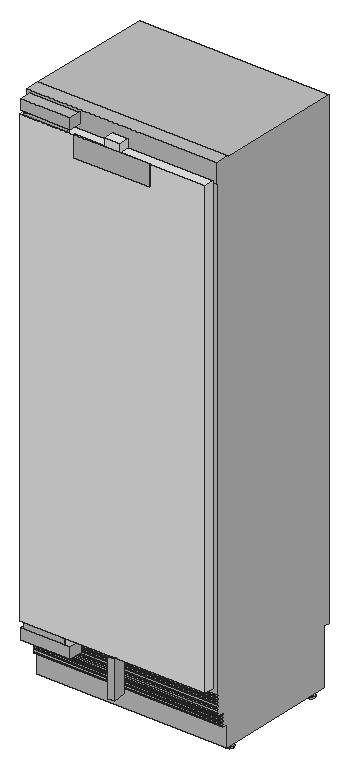
Revit family "FP-Revit20-en-RS3084FLJE1-Freezer-0-CA-US-90001072A", category Specialty Equipment, Revit 2020
Family settings
  Round Connector Dimension = Use Diameter
  Part Type = Normal
  OmniClass Number = 23.40.40.11.11
  OmniClass Title = Refrigerators and Freezers
  Work Plane-Based = No
  Always vertical = Yes
  Cut with Voids When Loaded = Yes
  Shared = No
  Room Calculation Point = No
Parameters (values of type "RS3084FLJE1")
  Visibility - Water Connection = yes
  Visibility - Visibility Control Note = yes
  Visibility - Clearance Required = yes
  URL = "www.fisherpaykel.com"
  Stainless Steel Door Panels (RD3484L4D) = no
  Product - Width = 756 mm  # constant formula
  Product - Height = 2134 mm  # constant formula
  Product - Depth (exl front panel) = 610 mm  # constant formula
  Model = "RS3084FLJE1"
  Material - Handle = Fisher & Paykel - Aluminium
  Material - Door Structure = Fisher & Paykel - White
  Material - Door Front = Fisher & Paykel - Stainless Steel
  Material - Body = Fisher & Paykel - Grey
  Manufacturer = "Fisher & Paykel Appliances"
  Handle Style - Professional Square (AHV2-RD84) = no
  Handle Style - Professional Round (AHC-RD84) = no
  Handle Style - Contemporary Square (AHD3-RD84) = no
  Handle Style - Contemporary Round (AHS-RD84) = no
  Description = "30\" Integrated Column Freezer with internal ice maker, stainless steel interior"
  Default Elevation = 0 mm
  Connector Description - Water = "1/4\" (6mm) comp. stainless steel braided hose"
  Connector Description - Electrical = "120 V, 10 amp fused electrical supply"
  Cavity - Width = 762 mm  # constant formula
  Cavity - Height = 2134 mm  # constant formula
  Cavity - Depth = 635 mm  # constant formula
Types (3, lengths in mm): name | Model | Description
  (no name) | "RS3084FLJE1" | "30\" Integrated Column Freezer with internal ice maker, stainless steel interior"
  RS3084FLJ1 | "RS3084FLJ1" | "30\" Integrated Column Freezer with internal ice maker, white steel interior"
  RS3084FLJE1 | "RS3084FLJE1" | "30\" Integrated Column Freezer with internal ice maker, stainless steel interior"
Reference planes
  plane 1 "Datum": y = 0
  plane 2: z = 0
  plane 3 "Center (Left/Right)": x = 0
  plane 4 "Product LHS": x = -378
  plane 5 "Product RHS": x = 378
  plane 6 "Product - Depth": y = 610
  plane 7 "Cavity LHS": x = -381
  plane 8 "Cavity RHS": x = 381
  plane 9 "Cavity - Depth": y = 612.9
  plane 10 "Handle Offset": x = 315
  plane 11 "Product Height": z = 2134
  plane 12 "Cavity Height": z = 2134
  plane 13 "Door Panel Datum": y = -4.1
Forms (mm)
  Extrusion 1, solid, material "Fisher & Paykel - Grey" <- "Material - Body", detail levels fine
    sketch origin (0, 0, 0) x (0, 1, 0) y (0, 0, 1)
      loop
        line (100.1, 19.1) -> (587.9, 19.1) -> (587.9, 239.7) -> (610, 239.7) -> (610, 2131.9) -> (105.1, 2131.9) -> (105.1, 2134) -> (49.9, 2134) -> (49.9, 2059) -> (56, 2059) -> (56, 228.6) -> (59.5, 228.6) -> (59.5, 219.7) -> (56.5, 219.7) -> (56.5, 215.9) -> (59.5, 215.9) -> (59.5, 207) -> (56.5, 207) -> (56.5, 203.2) -> (59.5, 203.2) -> (59.5, 194.3) -> (56.5, 194.3) -> (56.5, 190.5) -> (59.5, 190.5) -> (59.5, 181.6) -> (56.5, 181.6) -> (56.5, 177.8) -> (59.5, 177.8) -> (59.5, 168.9) -> (56.5, 168.9) -> (56.5, 165.1) -> (59.5, 165.1) -> (59.5, 156.2) -> (56.5, 156.2) -> (56.5, 152.4) -> (84.1, 152.4) -> (84.1, 143.5) -> (81.1, 143.5) -> (81.1, 139.7) -> (84.1, 139.7) -> (84.1, 130.8) -> (81.1, 130.8) -> (81.1, 127) -> (84.1, 127) -> (84.1, 118.1) -> (81.1, 118.1) -> (81.1, 114.3) -> (84.1, 114.3) -> (84.1, 105.4) -> (81.1, 105.4) -> (81.1, 101.6) -> (100.1, 101.6) -> (100.1, 19.1)
    from -378 to 378
  Extrusion 2, solid, material "Fisher & Paykel - Grey" <- "Material - Body"
    sketch origin (0, 0, 0) x (1, 0, 0) y (0, 1, 0)
      loop
        circle (-357.5, 547.8) r 4.1
      loop
        circle (-357.5, 141.8) r 4.1
      loop
        circle (357.5, 547.8) r 4.1
      loop
        circle (357.5, 141.8) r 4.1
    from 3 to 19.1
  Extrusion 3, solid, material "Fisher & Paykel - Grey" <- "Material - Body"
    sketch origin (0, 0, 0) x (1, 0, 0) y (0, 1, 0)
      loop
        circle (-357.5, 547.8) r 14.5
      loop
        circle (-357.5, 141.8) r 14.555
      loop
        circle (357.5, 547.8) r 14.5
      loop
        circle (357.5, 141.8) r 14.555
    from 0 to 3
  Extrusion 4, solid, material "Fisher & Paykel - Grey" <- "Material - Body", detail levels fine
    sketch origin (0, 0, 0) x (1, 0, 0) y (0, 1, 0)
      loop
        line (-7.5, 49) -> (-13.797, -4.1) -> (13.797, -4.1) -> (7.5, 49) -> (-7.5, 49)
    from 104.2 to 254.2
  Extrusion 5, solid, material "Fisher & Paykel - Grey" <- "Material - Body", detail levels fine
    sketch origin (0, 0, 0) x (0, 1, 0) y (0, 0, 1)
      loop
        line (0, 2070.6) -> (0, 1988.6) -> (2, 1988.6) -> (2, 2068.6) -> (4, 2068.6) -> (4, 2070.6) -> (0, 2070.6)
    from -150 to 150
  Extrusion 6, solid, material "Fisher & Paykel - Grey" <- "Material - Body"
    sketch origin (0, 0, 0) x (1, 0, 0) y (0, 0, 1)
      loop
        circle (303, 119.813) r 5
      loop
        circle (-303, 119.813) r 5
    from -590 to -587.9
  Extrusion 7, solid, material "Fisher & Paykel - White" <- "Material - Door Structure"
    sketch origin (0, 0, 0) x (1, 0, 0) y (0, 1, 0)
      loop
        line (-353, 56) -> (-353, 42) -> (353, 42) -> (353, 56) -> (-353, 56)
    from 269.6 to 2030.7
  Extrusion 8, solid, material "Fisher & Paykel - White" <- "Material - Door Structure"
    sketch origin (0, 0, 0) x (1, 0, 0) y (0, 1, 0)
      loop
        line (-369.4, 42) -> (-369.4, 3) -> (369.4, 3) -> (369.4, 42) -> (-369.4, 42)
    from 254.2 to 2068.6
  Extrusion 9, solid, material "Fisher & Paykel - White" <- "Material - Door Structure", detail levels fine
    sketch origin (0, 0, 0) x (1, 0, 0) y (0, 0, 1)
      loop
        line (-29.5, 2100.1) -> (-29.5, 2068.6) -> (29.5, 2068.6) -> (29.5, 2100.1) -> (-29.5, 2100.1)
    from -42 to -3
  Extrusion 10, solid, material "Fisher & Paykel - Stainless Steel" <- "Material - Door Front", visible <- "Stainless Steel Door Panels (RD3484L4D)"
    sketch origin (0, 0, 0) x (0, 1, 0) y (0, 0, 1)
      loop
        line (-22.1, 2130.8) -> (-22.1, 102) -> (-4.1, 102) -> (-4.1, 2130.8) -> (-22.1, 2130.8)
    from -378 to 378
  Extrusion 11, solid, material "Fisher & Paykel - Grey" <- "Material - Body", detail levels coarse+medium
    sketch origin (0, 0, 0) x (0, 1, 0) y (0, 0, 1)
      loop
        line (49.9, 2134) -> (49.9, 2059) -> (56, 2059) -> (56, 152.4) -> (81.1, 152.4) -> (81.1, 101.6) -> (100.1, 101.6) -> (100.1, 19.1) -> (587.9, 19.1) -> (587.9, 239.7) -> (610, 239.7) -> (610, 2134) -> (49.9, 2134)
    from -378 to 378
  Extrusion 12, solid, material "Fisher & Paykel - Grey" <- "Material - Body", detail levels fine
    sketch origin (0, 0, 0) x (-1, 0, 0) y (0, 0, -1)
      loop
        line (366.4, -187.65) -> (168.42, -187.65) -> (168.42, -229.75) -> (366.4, -229.75) -> (366.4, -187.65)
    from -56 to -2.5
  Extrusion 13, solid, material "Fisher & Paykel - Grey" <- "Material - Body", detail levels fine
    sketch origin (0, 0, 0) x (-1, 0, 0) y (0, 0, -1)
      loop
        line (366.4, -2123.15) -> (366.4, -2081.05) -> (168.42, -2081.05) -> (168.42, -2123.15) -> (366.4, -2123.15)
    from -49 to -2.5
  Extrusion 14, solid, material "Fisher & Paykel - Grey" <- "Material - Body", detail levels fine
    sketch origin (0, 0, -4) x (0, 1, 0) y (0, 0, 1)
      loop
        arc (163.888, 23.1) -> (180.4, 13.63) -> (196.912, 23.1) r 19.13
        line (196.912, 23.1) -> (163.888, 23.1)
      loop
        arc (493.888, 23.1) -> (510.4, 13.63) -> (526.912, 23.1) r 19.13
        line (526.912, 23.1) -> (493.888, 23.1)
    from 191 to 219
  Extrusion 15, solid, material "Fisher & Paykel - Grey" <- "Material - Body", detail levels fine
    sketch origin (0, 0, -4) x (0, 1, 0) y (0, 0, -1)
      loop
        line (163.888, -23.1) -> (196.912, -23.1)
        arc (196.912, -23.1) -> (180.4, -13.63) -> (163.888, -23.1) r 19.13
      loop
        line (493.888, -23.1) -> (526.912, -23.1)
        arc (526.912, -23.1) -> (510.4, -13.63) -> (493.888, -23.1) r 19.13
    from 191 to 219
  Extrusion 16, solid, material "Fisher & Paykel - Clearance Required", visible <- "Visibility - Clearance Required", detail levels coarse
    sketch origin (0, 0, 0) x (1, 0, 0) y (0, 1, 0)
      loop
        line (-381, 612.9) -> (-381, -4.1) -> (381, -4.1) -> (381, 612.9) -> (-381, 612.9)
    from 0 to 2134
  Extrusion 17, void
    sketch origin (0, 0, 0) x (1, 0, 0) y (0, 1, 0)
      loop
        line (-381, 612.9) -> (-381, -22.1) -> (381, -22.1) -> (381, 612.9) -> (-381, 612.9)
    from 0 to 2134
  Extrusion 18, solid, material "Fisher & Paykel - Grey" <- "Material - Body", detail levels fine
    sketch origin (-73, 0, 0) x (-1, 0, 0) y (0, 0, -1)
      loop
        line (118.4, -254.2) -> (282.9, -254.2) -> (282.9, -229.75) -> (118.4, -229.75) -> (118.4, -254.2)
      loop
        line (106, -2081.05) -> (242.9, -2081.05) -> (282.9, -2076.05) -> (282.9, -2068.6) -> (106, -2068.6) -> (106, -2081.05)
    from -7 to -4
  Extrusion 19, solid, material "Fisher & Paykel - Clearance Required", visible <- "Visibility - Clearance Required", detail levels coarse
    sketch origin (0, 0, 0) x (-1, 0, 0) y (0, -1, 0)
      loop
        line (301.5, 22.1) -> (378, 22.1)
        arc (378, 22.1) -> (380.992, 57.074) -> (415.915, 60.616) r 27.5
        line (415.915, 60.616) -> (697.006, 665.395) -> (723.252, 653.196)
        arc (723.252, 653.196) -> (747.815, 662.136) -> (738.875, 686.699) r 18.483
        line (738.875, 686.699) -> (712.602, 698.95) -> (734.604, 746.289)
        arc (734.604, 746.289) -> (-22.015, 691.951) -> (-378, 22.1) r 783.517
        line (-378, 22.1) -> (301.5, 22.1)
    from 0 to 2134
Lines and regions (mm)
  model lines, style "Fisher & Paykel"
    curve 1: line (-378, -4.1, 2130.8) -> (378, -4.1, 2130.8)
    curve 2: line (-378, -4.1, 102) -> (-378, -4.1, 2130.8)
    curve 3: line (378, -4.1, 102) -> (-378, -4.1, 102)
    curve 4: line (378, -4.1, 2130.8) -> (378, -4.1, 102)
Text (mm)
  text "Due to ongoing product development, product details are subject to change without notice. \nPlease always refer to www.fisherpaykel.com for the most current product information. \n© Fisher & Paykel 2020" at (41.04, -848.295, 0), in view "Ref. Level (Plan)"
Dimensions and locks
  equal spacing: plane 4 "Product LHS", plane 3 "Center (Left/Right)", plane 5 "Product RHS"
  "Product - Width": plane 4 "Product LHS" to plane 5 "Product RHS"
  "Product - Depth (exl front panel)": plane 1 "Datum" to plane 6 "Product - Depth"
  equal spacing: plane 7 "Cavity LHS", plane 3 "Center (Left/Right)", plane 8 "Cavity RHS"
  "Cavity - Width": plane 7 "Cavity LHS" to plane 8 "Cavity RHS"
  plane 4 "Product LHS" to Extrusion 2 sketch curve = 24.6 mm
  plane 4 "Product LHS" to plane 10 "Handle Offset" = 693 mm
  Extrusion 6 sketch curve to Extrusion 1 = 119.887 mm  (x2)
  Extrusion 6 sketch curve to plane 5 "Product RHS" = 75 mm
  plane 4 "Product LHS" to Extrusion 6 sketch curve = 75 mm
  Extrusion 1 sketch curve to Extrusion 1 sketch curve = 82.5 mm
  Extrusion 1 sketch curve to Extrusion 1 sketch curve = 209.5 mm
  Extrusion 1 sketch curve to Extrusion 1 sketch curve = 220.6 mm
  Extrusion 3 to level = 3 mm
  Extrusion 11 to Extrusion 8 = 235.1 mm
  Extrusion 11 to Extrusion 7 = 250.5 mm
  Extrusion 11 to Extrusion 11 = 2114.9 mm
  Extrusion 11 to Extrusion 10 = 82.9 mm
  "Product - Height": level to plane 11 "Product Height"
  plane 11 "Product Height" to Extrusion 10 = 3.2 mm
  Extrusion 8 to plane 11 "Product Height" = 65.4 mm
  Extrusion 7 to plane 11 "Product Height" = 103.3 mm
  Extrusion 11 sketch curve to plane 11 "Product Height" = 75 mm
  Extrusion 1 sketch curve to plane 11 "Product Height" = 2.1 mm
  Extrusion 1 sketch curve to plane 11 "Product Height" = 75 mm
  "Cavity - Height": plane 12 "Cavity Height" to level
  plane 1 "Datum" to Extrusion 16 = 612.9 mm
  plane 1 "Datum" to Extrusion 17 = 612.9 mm
  Extrusion 18 sketch curve to Extrusion 18 sketch curve = 40 mm
  Extrusion 18 sketch curve to Extrusion 18 sketch curve = 176.9 mm
  plane 3 "Center (Left/Right)" to Extrusion 18 sketch curve = 179 mm
  plane 3 "Center (Left/Right)" to Extrusion 18 sketch curve = 191.4 mm
  plane 3 "Center (Left/Right)" to Extrusion 18 sketch curve = 355.9 mm
  plane 3 "Center (Left/Right)" to Extrusion 13 sketch curve = 168.42 mm
  plane 3 "Center (Left/Right)" to Extrusion 12 sketch curve = 168.42 mm
  plane 1 "Datum" to Extrusion 19 = 22.1 mm
  "Cavity - Depth": plane 9 "Cavity - Depth" to Extrusion 19
  plane 10 "Handle Offset" to plane 5 "Product RHS" = 63 mm
  radius of Extrusion 6 sketch curve = 5 mm
  aligned and locked: level to plane 2
  aligned and locked: Extrusion 10 to plane 5 "Product RHS"
  aligned and locked: plane 4 "Product LHS" to Extrusion 10
  aligned and locked: Extrusion 11 to plane 5 "Product RHS"
  aligned and locked: Extrusion 11 to plane 4 "Product LHS"
  aligned and locked: Extrusion 11 sketch curve to plane 11 "Product Height"
  aligned and locked: plane 11 "Product Height" to Extrusion 1 sketch curve
  aligned and locked: Extrusion 14 sketch curve to Extrusion 14 sketch curve
  aligned and locked: Extrusion 15 sketch curve to Extrusion 15 sketch curve
  aligned and locked: Extrusion 1 to plane 5 "Product RHS"
  aligned and locked: plane 4 "Product LHS" to Extrusion 1
  aligned and locked: Extrusion 11 sketch curve to Extrusion 1  (x4)
  aligned and locked: Extrusion 2 to Extrusion 1
  aligned and locked: nested 2 to plane 10 "Handle Offset"
  aligned and locked: nested 3 to plane 10 "Handle Offset"
  aligned and locked: nested 4 to plane 10 "Handle Offset"
  aligned and locked: nested 5 to plane 10 "Handle Offset"
Automatic sketch dimensions
  Extrusion 1 sketch curve to plane 6 "Product - Depth" = 0 mm
  Extrusion 1 sketch curve to Extrusion 1 sketch curve = 22.1 mm
  Extrusion 1 sketch curve to plane 1 "Datum" = 105.1 mm
  level to Extrusion 1 sketch curve = 19.1 mm
  Extrusion 1 sketch curve to plane 1 "Datum" = 100.1 mm
  Extrusion 1 sketch curve to Extrusion 1 sketch curve = 16 mm
  Extrusion 1 sketch curve to Extrusion 1 sketch curve = 0 mm  (x8)
  Extrusion 1 sketch curve to Extrusion 1 sketch curve = 3 mm  (x10)
  Extrusion 1 sketch curve to plane 1 "Datum" = 59.5 mm
  Extrusion 1 sketch curve to plane 1 "Datum" = 56 mm
  Extrusion 1 sketch curve to plane 1 "Datum" = 49.9 mm
  Extrusion 1 sketch curve to Extrusion 1 sketch curve = 3.8 mm  (x10)
  Extrusion 1 sketch curve to Extrusion 1 sketch curve = 8.9 mm  (x9)
  Extrusion 2 sketch curve to plane 4 "Product LHS" = 20.5 mm  (x2)
  plane 5 "Product RHS" to Extrusion 2 sketch curve = 20.5 mm  (x2)
  Extrusion 2 sketch curve to plane 1 "Datum" = 141.8 mm  (x2)
  Extrusion 2 sketch curve to plane 6 "Product - Depth" = 62.2 mm  (x2)
  Extrusion 3 sketch curve to plane 4 "Product LHS" = 20.5 mm  (x2)
  plane 5 "Product RHS" to Extrusion 3 sketch curve = 20.5 mm  (x2)
  Extrusion 3 sketch curve to plane 1 "Datum" = 141.8 mm  (x2)
  Extrusion 3 sketch curve to plane 6 "Product - Depth" = 62.2 mm  (x2)
  plane 1 "Datum" to Extrusion 4 sketch curve = 4.1 mm
  Extrusion 4 sketch curve to plane 3 "Center (Left/Right)" = 13.797 mm
  Extrusion 4 sketch curve to plane 3 "Center (Left/Right)" = 7.5 mm
  plane 3 "Center (Left/Right)" to Extrusion 4 sketch curve = 7.5 mm
  plane 3 "Center (Left/Right)" to Extrusion 4 sketch curve = 13.797 mm
  Extrusion 4 sketch curve to plane 1 "Datum" = 49 mm
  Extrusion 5 sketch curve to plane 1 "Datum" = 0 mm
  Extrusion 5 sketch curve to plane 1 "Datum" = 2 mm
  Extrusion 5 sketch curve to Extrusion 5 sketch curve = 2 mm  (x2)
  plane 11 "Product Height" to Extrusion 5 sketch curve = 145.4 mm
  plane 11 "Product Height" to Extrusion 5 sketch curve = 65.4 mm
  Extrusion 7 sketch curve to plane 4 "Product LHS" = 25 mm
  plane 5 "Product RHS" to Extrusion 7 sketch curve = 25 mm
  Extrusion 7 sketch curve to plane 1 "Datum" = 42 mm
  Extrusion 7 sketch curve to Extrusion 7 sketch curve = 14 mm
  Extrusion 8 sketch curve to plane 1 "Datum" = 3 mm
  Extrusion 8 sketch curve to plane 4 "Product LHS" = 8.6 mm
  plane 5 "Product RHS" to Extrusion 8 sketch curve = 8.6 mm
  Extrusion 8 sketch curve to Extrusion 8 sketch curve = 39 mm
  Extrusion 9 sketch curve to plane 3 "Center (Left/Right)" = 29.5 mm
  plane 3 "Center (Left/Right)" to Extrusion 9 sketch curve = 29.5 mm
  plane 11 "Product Height" to Extrusion 9 sketch curve = 65.4 mm
  Extrusion 9 sketch curve to Extrusion 9 sketch curve = 31.5 mm
  plane 1 "Datum" to Extrusion 10 sketch curve = 22.1 mm
  plane 1 "Datum" to Extrusion 10 sketch curve = 4.1 mm
  level to Extrusion 10 sketch curve = 102 mm
  plane 11 "Product Height" to Extrusion 10 sketch curve = 3.2 mm
  Extrusion 11 sketch curve to plane 6 "Product - Depth" = 0 mm
  Extrusion 11 sketch curve to plane 6 "Product - Depth" = 22.1 mm
  Extrusion 11 sketch curve to plane 1 "Datum" = 100.1 mm
  Extrusion 11 sketch curve to Extrusion 11 sketch curve = 19 mm
  Extrusion 11 sketch curve to plane 1 "Datum" = 56 mm
  Extrusion 11 sketch curve to plane 1 "Datum" = 49.9 mm
  Extrusion 11 sketch curve to Extrusion 11 sketch curve = 50.8 mm
  plane 4 "Product LHS" to Extrusion 12 sketch curve = 11.6 mm
  Extrusion 12 sketch curve to level = 187.65 mm
  Extrusion 12 sketch curve to Extrusion 12 sketch curve = 42.1 mm
  plane 4 "Product LHS" to Extrusion 13 sketch curve = 11.6 mm
  Extrusion 13 sketch curve to plane 11 "Product Height" = 52.95 mm
  Extrusion 13 sketch curve to plane 11 "Product Height" = 10.85 mm
  level to Extrusion 14 sketch curve = 19.1 mm
  Extrusion 14 sketch curve to plane 1 "Datum" = 163.888 mm
  Extrusion 14 sketch curve to Extrusion 14 sketch curve = 16.512 mm  (x2)
  Extrusion 14 sketch curve to plane 6 "Product - Depth" = 116.112 mm
  Extrusion 14 sketch curve to Extrusion 14 sketch curve = 9.66 mm  (x2)
  level to Extrusion 15 sketch curve = 19.1 mm
  Extrusion 15 sketch curve to plane 1 "Datum" = 163.888 mm
  Extrusion 15 sketch curve to Extrusion 15 sketch curve = 16.512 mm  (x2)
  Extrusion 15 sketch curve to plane 6 "Product - Depth" = 116.112 mm
  Extrusion 15 sketch curve to Extrusion 15 sketch curve = 9.66 mm  (x2)
  Extrusion 16 sketch curve to plane 7 "Cavity LHS" = 0 mm
  Extrusion 16 sketch curve to plane 8 "Cavity RHS" = 0 mm
  Extrusion 16 sketch curve to plane 9 "Cavity - Depth" = 0 mm
  plane 1 "Datum" to Extrusion 16 sketch curve = 4.1 mm
  Extrusion 17 sketch curve to plane 7 "Cavity LHS" = 0 mm
  Extrusion 17 sketch curve to plane 8 "Cavity RHS" = 0 mm
  plane 9 "Cavity - Depth" to Extrusion 17 sketch curve = 0 mm
  plane 1 "Datum" to Extrusion 17 sketch curve = 22.1 mm
  Extrusion 18 sketch curve to level = 229.75 mm
  Extrusion 18 sketch curve to Extrusion 18 sketch curve = 24.45 mm
  Extrusion 18 sketch curve to plane 11 "Product Height" = 65.4 mm
  Extrusion 18 sketch curve to Extrusion 18 sketch curve = 7.45 mm
  Extrusion 18 sketch curve to Extrusion 18 sketch curve = 5 mm
  Extrusion 19 sketch curve to plane 5 "Product RHS" = 0 mm
  Extrusion 19 sketch curve to plane 1 "Datum" = 22.1 mm
  plane 4 "Product LHS" to Extrusion 19 sketch curve = 76.5 mm
  plane 4 "Product LHS" to Extrusion 19 sketch curve = 0 mm
  Extrusion 19 sketch curve to plane 7 "Cavity LHS" = 19.59 mm
  Extrusion 19 sketch curve to Extrusion 19 sketch curve = 4.816 mm
  Extrusion 19 sketch curve to Extrusion 19 sketch curve = 10.509 mm
  Extrusion 19 sketch curve to plane 7 "Cavity LHS" = 316.006 mm
  Extrusion 19 sketch curve to Extrusion 19 sketch curve = 15.596 mm
  Extrusion 19 sketch curve to Extrusion 19 sketch curve = 26.246 mm
  Extrusion 19 sketch curve to Extrusion 19 sketch curve = 7.811 mm  (x2)
  Extrusion 19 sketch curve to Extrusion 19 sketch curve = 22.003 mm
  Extrusion 19 sketch curve to Extrusion 19 sketch curve = 13.185 mm
  Extrusion 19 sketch curve to Extrusion 19 sketch curve = 2.497 mm
  Extrusion 19 sketch curve to Extrusion 19 sketch curve = 93.093 mm
  Extrusion 19 sketch curve to Extrusion 19 sketch curve = 16.751 mm
  Extrusion 19 sketch curve to Extrusion 19 sketch curve = 12.251 mm
  plane 5 "Product RHS" to curve 1 = 0 mm
  plane 4 "Product LHS" to curve 3 = 0 mm
  level to curve 3 = 102 mm
  plane 11 "Product Height" to curve 2 = 3.2 mm
  radius of Extrusion 2 sketch curve = 4.1 mm  (x3)
  radius of Extrusion 3 sketch curve = 14.5 mm  (x2)
  radius of Extrusion 3 sketch curve = 14.555 mm  (x2)
  radius of Extrusion 6 sketch curve = 5 mm
Nested families
  nested 1: "Visibility Control Note 18" at (0, 0, 0), visible <- "Visibility - Visibility Control Note", type "Visibility Control Note 18"
  nested 2: "Handle Contemporary Round - Vertical" at (315, -22.1, 1242.58), visible <- "Handle Style - Contemporary Round (AHS-RD84)", type "AHS-RD84 - Contemporary round handle (Vertical) 852mm"
  nested 3: "Handle Contemporary Square - Vertical" at (315, -22.1, 1242.58), visible <- "Handle Style - Contemporary Square (AHD3-RD84)", type "AHD3-RD84 - Contemporary square handle (Vertical) 852mm"
  nested 4: "Handle Professional Round - Vertical" at (315, -22.1, 1242.58), visible <- "Handle Style - Professional Round (AHC-RD84)", type "AHC-RD84 - Professional round handle (Vertical) 786mm"
  nested 5: "Handle Professional Square - Vertical" at (315, -22.1, 1242.58), visible <- "Handle Style - Professional Square (AHV2-RD84)", type "AHV2-RD84 - Professional square handle (Vertical) 792mm"
Connectors
  electrical at (-303, 590, 119.813), driven by "Connector Description - Electrical"
    settings: on Extrusion 6, index 1, voltage 120 V, apparent load 0 VA, apparent load phase1 0 VA, apparent load phase2 0 VA, apparent load phase3 0 VA, power factor 1, load classification "Other", number of poles 1, system type 30, power factor state 1, is connector primary yes, connector utility no, sub classification motor no, connector description "120 V, 10 amp fused electrical supply"
  piping at (303, 590, 119.813), diameter 12.7, driven by "Visibility - Water Connection", driven by "Connector Description - Water"
    settings: on Extrusion 6, index 2, connector inside diameter 609.6 mm, connector length 0 mm, flow factor 0, pipe flow 0.0 L/s, pressure drop 0.0 Pa, fitting loss kfactor 0, connector angle 0.00°, fixture units 0, engagement length 0 mm, angle of deflection 0.00°, flow configuration 0, flow direction 1, fitting loss method 0, system type 20, joint type 0, gender type 0, connector reference index -1, connector utility 1, adjustable connector no, is connector primary yes, connector description "1/4\" (6mm) comp. stainless steel braided hose"
Definition of nested family "Handle Contemporary Round - Vertical"
  Parameters (values of type "AHSRS80A - Contemporary round handle (1 of 2) (Vertical) 727mm")
    URL = "www.fisherpaykel.com"
    Material - Handle = none
    Manufacturer = "Fisher & Paykel Appliances"
    Handle - Length = 727 mm
    Default Elevation = 0 mm
  Types (6, lengths in mm): name | Handle - Length
    AHS-RD21 - Contemporary round handle (Vertical) 852mm | 852
    AHSRD2484W - Contemporary round handle (1 of 2) (Vertical) 727mm | 727
    AHSRD3084W - Contemporary round handle (1 of 2) (Vertical) 727mm | 727
    AHS-RD84 - Contemporary round handle (Vertical) 852mm | 852
    AHSRS3272A - Contemporary round handle (1 of 2) (Vertical) 727mm | 727
    AHSRS80A - Contemporary round handle (1 of 2) (Vertical) 727mm | 727
  Reference planes
    plane 1 "Center (Front/Back)": y = 0
    plane 2: z = 0
    plane 3 "Center (Left/Right)": x = 0
    plane 4 "Top": z = 363.5
    plane 5 "Bottom": z = -363.5
    plane 6 "Top Standoff": z = 243.5
    plane 7 "Bottom Standoff": z = -243.5
  Forms (mm)
    Extrusion 1, solid, material <- "Material - Handle"
      sketch origin (0, 0, 0) x (1, 0, 0) y (0, 1, 0)
        loop
          circle (0, -32.3) r 8.7
      from -243.5 to 243.5
    Extrusion 2, solid, material <- "Material - Handle", detail levels fine
      sketch origin (0, 0, 0) x (1, 0, 0) y (0, 1, 0)
        loop
          line (-8.7, 0) -> (-8.7, -32.3)
          arc (-8.7, -32.3) -> (0, -41) -> (8.7, -32.3) r 8.7
          line (8.7, -32.3) -> (8.7, 0) -> (-8.7, 0)
      from 243.5 to 363.5
    Extrusion 3, solid, material <- "Material - Handle", detail levels fine
      sketch origin (0, 0, 0) x (1, 0, 0) y (0, 1, 0)
        loop
          line (-8.7, 0) -> (-8.7, -32.3)
          arc (-8.7, -32.3) -> (0, -41) -> (8.7, -32.3) r 8.7
          line (8.7, -32.3) -> (8.7, 0) -> (-8.7, 0)
      from -363.5 to -243.5
    Sweep 4, void
      path in 3D
        loop
          line (8.7, 0, -363.5) -> (8.7, -32.3, -363.5)
          arc (8.7, -32.3, -363.5) -> (0, -41, -363.5) -> (-8.7, -32.3, -363.5) r 8.7
          line (-8.7, -32.3, -363.5) -> (-8.7, 0, -363.5)
      profile origin (8.7, -16.15, -363.5) x (-1, 0, 0) y (0, 0, -1)
        loop
          line (0, 0) -> (0, -1) -> (1, 0) -> (0, 0)
    Sweep 5, void
      path in 3D
        loop
          line (-8.7, 0, 363.5) -> (-8.7, -32.3, 363.5)
          arc (-8.7, -32.3, 363.5) -> (0, -41, 363.5) -> (8.7, -32.3, 363.5) r 8.7
          line (8.7, -32.3, 363.5) -> (8.7, 0, 363.5)
      profile origin (8.7, -16.15, 363.5) x (-1, 0, 0) y (0, 0, 1)
        loop
          line (0, 0) -> (0, -1) -> (1, 0) -> (0, 0)
    Extrusion 6, solid, material <- "Material - Handle", detail levels coarse+medium
      sketch origin (0, 0, 0) x (1, 0, 0) y (0, 1, 0)
        loop
          line (-8.7, 0) -> (-8.7, -32.3)
          arc (-8.7, -32.3) -> (0, -41) -> (8.7, -32.3) r 8.7
          line (8.7, -32.3) -> (8.7, 0) -> (-8.7, 0)
      from 243.5 to 363.5
    Extrusion 7, solid, material <- "Material - Handle", detail levels coarse+medium
      sketch origin (0, 0, 0) x (1, 0, 0) y (0, 1, 0)
        loop
          line (-8.7, 0) -> (-8.7, -32.3)
          arc (-8.7, -32.3) -> (0, -41) -> (8.7, -32.3) r 8.7
          line (8.7, -32.3) -> (8.7, 0) -> (-8.7, 0)
      from -363.5 to -243.5
  Cuts and joins
    Sweep 4 cuts Extrusion 3
    Sweep 5 cuts Extrusion 2
  Lines and regions (mm)
    sketch lines
      curve 1: line (8.7, 0, -363.5) -> (8.7, -32.3, -363.5)
      curve 2: arc (-8.7, -32.3, -363.5) -> (0, -41, -363.5) -> (8.7, -32.3, -363.5) r 8.7
      curve 3: line (-8.7, -32.3, -363.5) -> (-8.7, 0, -363.5)
      curve 4: line (8.7, -32.3, 363.5) -> (8.7, 0, 363.5)
      curve 5: arc (8.7, -32.3, 363.5) -> (0, -41, 363.5) -> (-8.7, -32.3, 363.5) r 8.7
      curve 6: line (-8.7, 0, 363.5) -> (-8.7, -32.3, 363.5)
  Dimensions and locks
    equal spacing: plane 4 "Top", level, plane 5 "Bottom"
    "Handle - Length": plane 4 "Top" to plane 5 "Bottom"
    locked: plane 4 "Top" to plane 6 "Top Standoff" at 120
    locked: plane 7 "Bottom Standoff" to plane 5 "Bottom" at 120
    Extrusion 2 sketch curve to Extrusion 2 sketch curve = 17.4 mm
    Extrusion 3 sketch curve to Extrusion 3 sketch curve = 17.4 mm
    Extrusion 6 sketch curve to Extrusion 6 sketch curve = 17.4 mm
    Extrusion 7 sketch curve to Extrusion 7 sketch curve = 17.4 mm
    aligned and locked: level to plane 2
    aligned and locked: plane 4 "Top" to Extrusion 2
    aligned and locked: Extrusion 3 to plane 5 "Bottom"
    aligned and locked: plane 7 "Bottom Standoff" to Extrusion 3
    aligned and locked: Extrusion 1 to plane 7 "Bottom Standoff"
    aligned and locked: plane 6 "Top Standoff" to Extrusion 1
    aligned and locked: Extrusion 2 to Extrusion 1
    aligned and locked: Extrusion 6 to Extrusion 1
    aligned and locked: plane 4 "Top" to Extrusion 6
    aligned and locked: Extrusion 7 to Extrusion 1
    aligned and locked: Extrusion 7 to plane 5 "Bottom"
  Automatic sketch dimensions
    Extrusion 1 sketch curve to plane 3 "Center (Left/Right)" = 0 mm
    plane 1 "Center (Front/Back)" to Extrusion 1 sketch curve = 32.3 mm
    plane 1 "Center (Front/Back)" to Extrusion 2 sketch curve = 0 mm
    Extrusion 2 sketch curve to plane 3 "Center (Left/Right)" = 0 mm
    Extrusion 2 sketch curve to plane 3 "Center (Left/Right)" = 8.7 mm
    plane 1 "Center (Front/Back)" to Extrusion 2 sketch curve = 32.3 mm
    plane 1 "Center (Front/Back)" to Extrusion 3 sketch curve = 0 mm
    Extrusion 3 sketch curve to plane 3 "Center (Left/Right)" = 0 mm
    Extrusion 3 sketch curve to plane 3 "Center (Left/Right)" = 8.7 mm
    plane 1 "Center (Front/Back)" to Extrusion 3 sketch curve = 32.3 mm
    Sweep 4 sketch curve to profile plane = 0 mm  (x2)
    Sweep 4 sketch curve to profile plane = 1 mm  (x2)
    Sweep 5 sketch curve to profile plane = 0 mm  (x2)
    Sweep 5 sketch curve to profile plane = 1 mm  (x2)
    Extrusion 6 sketch curve to plane 3 "Center (Left/Right)" = 0 mm
    Extrusion 6 sketch curve to plane 3 "Center (Left/Right)" = 8.7 mm
    plane 1 "Center (Front/Back)" to Extrusion 6 sketch curve = 32.3 mm
    Extrusion 6 sketch curve to Extrusion 6 sketch curve = 32.3 mm
    Extrusion 7 sketch curve to plane 3 "Center (Left/Right)" = 0 mm
    Extrusion 7 sketch curve to plane 3 "Center (Left/Right)" = 8.7 mm
    plane 1 "Center (Front/Back)" to Extrusion 7 sketch curve = 32.3 mm
    Extrusion 7 sketch curve to Extrusion 7 sketch curve = 32.3 mm
    radius of Extrusion 1 sketch curve = 8.7 mm
Definition of nested family "Handle Contemporary Square - Vertical"
  Parameters (values of type "AHD3RS80A - Contemporary square handle (1 of 2) (Vertical) 727mm")
    URL = "www.fisherpaykel.com"
    Material - Handle = none
    Manufacturer = "Fisher & Paykel Appliances"
    Handle - Length = 727 mm
    Default Elevation = 0 mm
  Types (7, lengths in mm): name | Handle - Length
    (no name) | 727
    AHD3-RD21 - Contemporary square handle (Vertical) 852mm | 852
    AHD3RD2484W - Contemporary square handle (1 of 2) (Vertical) 727mm | 727
    AHD3RD3084W - Contemporary square handle (1 of 2) (Vertical) 727mm | 727
    AHD3-RD84 - Contemporary square handle (Vertical) 852mm | 852
    AHD3RS3272A - Contemporary square handle (1 of 2) (Vertical) 727mm | 727
    AHD3RS80A - Contemporary square handle (1 of 2) (Vertical) 727mm | 727
  Reference planes
    plane 1 "Center (Front/Back)": y = 0
    plane 2: z = 0
    plane 3 "Center (Left/Right)": x = 0
    plane 4 "Top": z = 363.5
    plane 5 "Bottom": z = -363.5
    plane 6 "Top Standoff": z = 243.5
    plane 7 "Bottom Standoff": z = -243.5
  Forms (mm)
    Extrusion 1, solid, material <- "Material - Handle", detail levels fine
      sketch origin (0, 0, 0) x (1, 0, 0) y (0, 1, 0)
        loop
          arc (-7.583, -28.701) -> (-7.89, -29.057) -> (-8, -29.514) r 1
          line (-8, -29.514) -> (-8, -40.5)
          arc (-8, -40.5) -> (-7.561, -41.561) -> (-6.5, -42) r 1.5
          line (-6.5, -42) -> (6.5, -42)
          arc (6.5, -42) -> (7.561, -41.561) -> (8, -40.5) r 1.5
          line (8, -40.5) -> (8, -29.487)
          arc (8, -29.487) -> (7.889, -29.029) -> (7.58, -28.673) r 1
          arc (7.58, -28.673) -> (-0.006, -26.256) -> (-7.583, -28.701) r 13.038
      from -363.5 to 363.5
    Extrusion 2, solid, material <- "Material - Handle", detail levels fine
      sketch origin (0, 0, 0) x (1, 0, 0) y (0, 1, 0)
        loop
          arc (7.058, -28.23) -> (7.466, -28.244) -> (7.674, -27.893) r 0.4
          line (7.674, -27.893) -> (7.674, 0) -> (-7.674, 0) -> (-7.674, -27.86)
          arc (-7.674, -27.86) -> (-7.467, -28.21) -> (-7.06, -28.198) r 0.4
          arc (-7.06, -28.198) -> (0.004, -26.156) -> (7.058, -28.23) r 13.136
      from 243.5 to 363.5
    Extrusion 3, solid, material <- "Material - Handle", detail levels fine
      sketch origin (0, 0, 0) x (1, 0, 0) y (0, 1, 0)
        loop
          arc (7.058, -28.23) -> (7.466, -28.244) -> (7.674, -27.893) r 0.4
          line (7.674, -27.893) -> (7.674, 0) -> (-7.674, 0) -> (-7.674, -27.86)
          arc (-7.674, -27.86) -> (-7.467, -28.21) -> (-7.06, -28.198) r 0.4
          arc (-7.06, -28.198) -> (0.004, -26.156) -> (7.058, -28.23) r 13.136
      from -363.5 to -243.5
    Sweep 4, void
      path in 3D
        loop
          line (-8, -29.514, 363.5) -> (-8, -40.5, 363.5)
          arc (-8, -40.5, 363.5) -> (-7.561, -41.561, 363.5) -> (-6.5, -42, 363.5) r 1.5
          line (-6.5, -42, 363.5) -> (6.5, -42, 363.5)
          arc (6.5, -42, 363.5) -> (7.561, -41.561, 363.5) -> (8, -40.5, 363.5) r 1.5
          line (8, -40.5, 363.5) -> (8, -29.487, 363.5)
      profile origin (8, -34.994, 363.5) x (-1, 0, 0) y (0, 0, 1)
        loop
          line (0, 0) -> (0, -1.3) -> (1.3, 0) -> (0, 0)
    Sweep 5, void
      path in 3D
        loop
          line (8, -29.487, -363.5) -> (8, -40.5, -363.5)
          arc (8, -40.5, -363.5) -> (7.561, -41.561, -363.5) -> (6.5, -42, -363.5) r 1.5
          line (6.5, -42, -363.5) -> (-6.5, -42, -363.5)
          arc (-6.5, -42, -363.5) -> (-7.561, -41.561, -363.5) -> (-8, -40.5, -363.5) r 1.5
          line (-8, -40.5, -363.5) -> (-8, -29.514, -363.5)
      profile origin (8, -34.994, -363.5) x (-1, 0, 0) y (0, 0, -1)
        loop
          line (0, 0) -> (0, -1.3) -> (1.3, 0) -> (0, 0)
    Extrusion 6, void
      sketch origin (0, 0, 0) x (1, 0, 0) y (0, 0, 1)
        loop
          line (-8, -362.2) -> (-8, -363.5) -> (-6.7, -363.5) -> (-8, -362.2)
        loop
          line (8, -362.2) -> (6.7, -363.5) -> (8, -363.5) -> (8, -362.2)
      from 0 to 40
    Extrusion 7, void
      sketch origin (0, 0, 0) x (1, 0, 0) y (0, 0, 1)
        loop
          line (-8, 363.5) -> (-8, 362.2) -> (-6.7, 363.5) -> (-8, 363.5)
        loop
          line (8, 363.5) -> (6.7, 363.5) -> (8, 362.2) -> (8, 363.5)
      from 0 to 40
    Extrusion 8, solid, material <- "Material - Handle", detail levels coarse+medium
      sketch origin (0, 0, 0) x (0, 1, 0) y (0, 0, 1)
        loop
          line (0, 363.5) -> (-42, 363.5) -> (-42, -363.5) -> (0, -363.5) -> (0, -243.5) -> (-26.245, -243.5) -> (-26.245, 243.5) -> (0, 243.5) -> (0, 363.5)
      from -8 to 8
  Cuts and joins
    Sweep 4, Sweep 5, Extrusion 6, Extrusion 7 cuts Extrusion 1
    Extrusion 6 cuts Extrusion 3
    Extrusion 7 cuts Extrusion 2
  Lines and regions (mm)
    sketch lines
      curve 1: line (8, -40.5, 363.5) -> (8, -29.487, 363.5)
      curve 2: arc (8, -40.5, 363.5) -> (7.561, -41.561, 363.5) -> (6.5, -42, 363.5) r 1.5
      curve 3: line (-6.5, -42, 363.5) -> (6.5, -42, 363.5)
      curve 4: arc (-6.5, -42, 363.5) -> (-7.561, -41.561, 363.5) -> (-8, -40.5, 363.5) r 1.5
      curve 5: line (-8, -29.514, 363.5) -> (-8, -40.5, 363.5)
      curve 6: line (8, -29.487, -363.5) -> (8, -40.5, -363.5)
      curve 7: arc (6.5, -42, -363.5) -> (7.561, -41.561, -363.5) -> (8, -40.5, -363.5) r 1.5
      curve 8: line (6.5, -42, -363.5) -> (-6.5, -42, -363.5)
      curve 9: arc (-8, -40.5, -363.5) -> (-7.561, -41.561, -363.5) -> (-6.5, -42, -363.5) r 1.5
      curve 10: line (-8, -40.5, -363.5) -> (-8, -29.514, -363.5)
  Dimensions and locks
    equal spacing: plane 4 "Top", level, plane 5 "Bottom"
    "Handle - Length": plane 4 "Top" to plane 5 "Bottom"
    locked: plane 4 "Top" to plane 6 "Top Standoff" at 120
    locked: plane 7 "Bottom Standoff" to plane 5 "Bottom" at 120
    aligned and locked: level to plane 2
    aligned and locked: plane 4 "Top" to Extrusion 2
    aligned and locked: Extrusion 2 to plane 6 "Top Standoff"
    aligned and locked: plane 4 "Top" to Extrusion 1
    aligned and locked: Extrusion 1 to plane 5 "Bottom"
    aligned and locked: Extrusion 3 to plane 5 "Bottom"
    aligned and locked: plane 7 "Bottom Standoff" to Extrusion 3
    aligned and locked: plane 4 "Top" to Extrusion 8 sketch curve
    aligned and locked: plane 6 "Top Standoff" to Extrusion 8 sketch curve
    aligned and locked: plane 7 "Bottom Standoff" to Extrusion 8 sketch curve
    aligned and locked: plane 5 "Bottom" to Extrusion 8 sketch curve
    aligned and locked: plane 1 "Center (Front/Back)" to Extrusion 8 sketch curve  (x2)
  Automatic sketch dimensions
    Extrusion 1 sketch curve to plane 3 "Center (Left/Right)" = 8 mm
    Extrusion 1 sketch curve to Extrusion 1 sketch curve = 1 mm  (x2)
    Extrusion 1 sketch curve to Extrusion 1 sketch curve = 1.5 mm
    plane 3 "Center (Left/Right)" to Extrusion 1 sketch curve = 0.018 mm
    plane 3 "Center (Left/Right)" to Extrusion 1 sketch curve = 6.5 mm
    plane 3 "Center (Left/Right)" to Extrusion 1 sketch curve = 7 mm
    plane 1 "Center (Front/Back)" to Extrusion 1 sketch curve = 42 mm
    Extrusion 1 sketch curve to Extrusion 1 sketch curve = 1.206 mm
    Extrusion 1 sketch curve to Extrusion 1 sketch curve = 10.986 mm
    Extrusion 1 sketch curve to Extrusion 1 sketch curve = 11.013 mm
    Extrusion 1 sketch curve to Extrusion 1 sketch curve = 0 mm
    plane 1 "Center (Front/Back)" to Extrusion 2 sketch curve = 0 mm
    Extrusion 2 sketch curve to plane 3 "Center (Left/Right)" = 7.674 mm
    Extrusion 2 sketch curve to Extrusion 2 sketch curve = 0.4 mm  (x2)
    Extrusion 2 sketch curve to plane 3 "Center (Left/Right)" = 0.026 mm
    plane 3 "Center (Left/Right)" to Extrusion 2 sketch curve = 7.274 mm
    plane 1 "Center (Front/Back)" to Extrusion 2 sketch curve = 27.86 mm
    Extrusion 2 sketch curve to Extrusion 2 sketch curve = 0.033 mm
    Extrusion 2 sketch curve to Extrusion 2 sketch curve = 11.398 mm
    Extrusion 2 sketch curve to Extrusion 2 sketch curve = 0 mm
    plane 1 "Center (Front/Back)" to Extrusion 3 sketch curve = 0 mm
    Extrusion 3 sketch curve to Extrusion 3 sketch curve = 0.4 mm  (x2)
    Extrusion 3 sketch curve to Extrusion 3 sketch curve = 7.248 mm
    Extrusion 3 sketch curve to Extrusion 3 sketch curve = 7.3 mm
    plane 1 "Center (Front/Back)" to Extrusion 3 sketch curve = 27.86 mm
    Extrusion 3 sketch curve to Extrusion 3 sketch curve = 0.033 mm
    Extrusion 3 sketch curve to Extrusion 3 sketch curve = 11.398 mm
    Extrusion 3 sketch curve to Extrusion 3 sketch curve = 0 mm
    Sweep 4 sketch curve to profile plane = 0 mm  (x2)
    Sweep 4 sketch curve to profile plane = 1.3 mm  (x2)
    Sweep 5 sketch curve to profile plane = 0 mm  (x2)
    Sweep 5 sketch curve to profile plane = 1.3 mm  (x2)
    Extrusion 6 sketch curve to plane 5 "Bottom" = 0 mm  (x2)
    plane 5 "Bottom" to Extrusion 6 sketch curve = 1.3 mm  (x2)
    Extrusion 6 sketch curve to plane 3 "Center (Left/Right)" = 8 mm
    Extrusion 6 sketch curve to Extrusion 6 sketch curve = 1.3 mm  (x2)
    plane 3 "Center (Left/Right)" to Extrusion 6 sketch curve = 8 mm
    Extrusion 7 sketch curve to plane 4 "Top" = 0 mm  (x2)
    Extrusion 7 sketch curve to plane 3 "Center (Left/Right)" = 8 mm
    Extrusion 7 sketch curve to Extrusion 7 sketch curve = 1.3 mm  (x2)
    plane 3 "Center (Left/Right)" to Extrusion 7 sketch curve = 8 mm
    Extrusion 7 sketch curve to plane 4 "Top" = 1.3 mm  (x2)
    plane 1 "Center (Front/Back)" to Extrusion 8 sketch curve = 26.245 mm
    plane 1 "Center (Front/Back)" to Extrusion 8 sketch curve = 42 mm
    Extrusion 3 sketch curve to plane 3 "Center (Left/Right)" = 7.674 mm
Definition of nested family "Handle Professional Round - Vertical"
  Parameters (values of type "AHCRD2484W - Professional round handle (1 of 2) (Vertical) 661mm")
    URL = "www.fisherpaykel.com"
    Material - Standoff = none
    Material - Handle = none
    Manufacturer = "Fisher & Paykel Appliances"
    Handle - Length = 661 mm
    Default Elevation = 0 mm
  Types (5, lengths in mm): name | Handle - Length
    (no name) | 661
    AHCRD2484W - Professional round handle (1 of 2) (Vertical) 661mm | 661
    AHCRD3084W - Professional round handle (1 of 2) (Vertical) 661mm | 661
    AHC-RD84 - Professional round handle (Vertical) 786mm | 786
    AHCRS3272A - Professional round handle (1 of 2) (Vertical) 661mm | 661
  Reference planes
    plane 1 "Center (Front/Back)": y = 0
    plane 2: z = 0
    plane 3 "Center (Left/Right)": x = 0
    plane 4 "Top": z = 330.5
    plane 5 "Bottom": z = -330.5
    plane 6 "Top Standoff": z = 286.5
    plane 7 "Bottom Standoff": z = -286.5
  Forms (mm)
    Extrusion 1, solid, material <- "Material - Standoff", detail levels fine
      sketch origin (0, 0, 0) x (1, 0, 0) y (0, 1, 0)
        loop
          line (-18.5, 0) -> (-18.5, -39.4)
          arc (-18.5, -39.4) -> (0, -57.9) -> (18.5, -39.4) r 18.5
          line (18.5, -39.4) -> (18.5, 0) -> (-18.5, 0)
      from 286.5 to 330.5
    Extrusion 2, solid, material <- "Material - Standoff", detail levels fine
      sketch origin (0, 0, 0) x (1, 0, 0) y (0, 1, 0)
        loop
          line (-18.5, 0) -> (-18.5, -39.4)
          arc (-18.5, -39.4) -> (0, -57.9) -> (18.5, -39.4) r 18.5
          line (18.5, -39.4) -> (18.5, 0) -> (-18.5, 0)
      from -330.5 to -286.5
    Extrusion 3, solid, material <- "Material - Handle"
      sketch origin (0, 0, 0) x (1, 0, 0) y (0, 1, 0)
        loop
          circle (0, -39.4) r 12.7
      from -286.5 to 286.5
    Sweep 4, void
      path in 3D
        loop
          line (-18.5, 0, 330.5) -> (-18.5, -39.4, 330.5)
          arc (-18.5, -39.4, 330.5) -> (0, -57.9, 330.5) -> (18.5, -39.4, 330.5) r 18.5
          line (18.5, -39.4, 330.5) -> (18.5, 0, 330.5)
      profile origin (18.5, -19.7, 330.5) x (-1, 0, 0) y (0, 0, 1)
        loop
          line (0, 0) -> (0, -3) -> (3, 0) -> (0, 0)
    Sweep 5, void
      path in 3D
        loop
          line (18.5, 0, -330.5) -> (18.5, -39.4, -330.5)
          arc (18.5, -39.4, -330.5) -> (0, -57.9, -330.5) -> (-18.5, -39.4, -330.5) r 18.5
          line (-18.5, -39.4, -330.5) -> (-18.5, 0, -330.5)
      profile origin (18.5, -19.7, -330.5) x (-1, 0, 0) y (0, 0, -1)
        loop
          line (0, 0) -> (0, -3) -> (3, 0) -> (0, 0)
    Extrusion 6, solid, material <- "Material - Standoff", detail levels coarse+medium
      sketch origin (0, 0, 0) x (1, 0, 0) y (0, 1, 0)
        loop
          line (-18.5, 0) -> (-18.5, -39.4)
          arc (-18.5, -39.4) -> (0, -57.9) -> (18.5, -39.4) r 18.5
          line (18.5, -39.4) -> (18.5, 0) -> (-18.5, 0)
      from 286.5 to 330.5
    Extrusion 7, solid, material <- "Material - Standoff", detail levels coarse+medium
      sketch origin (0, 0, 0) x (1, 0, 0) y (0, 1, 0)
        loop
          line (-18.5, 0) -> (-18.5, -39.4)
          arc (-18.5, -39.4) -> (0, -57.9) -> (18.5, -39.4) r 18.5
          line (18.5, -39.4) -> (18.5, 0) -> (-18.5, 0)
      from -330.5 to -286.5
  Cuts and joins
    Sweep 4 cuts Extrusion 1
    Sweep 5 cuts Extrusion 2
  Lines and regions (mm)
    sketch lines
      curve 1: line (18.5, -39.4, 330.5) -> (18.5, 0, 330.5)
      curve 2: arc (18.5, -39.4, 330.5) -> (0, -57.9, 330.5) -> (-18.5, -39.4, 330.5) r 18.5
      curve 3: line (-18.5, 0, 330.5) -> (-18.5, -39.4, 330.5)
      curve 4: line (18.5, 0, -330.5) -> (18.5, -39.4, -330.5)
      curve 5: arc (-18.5, -39.4, -330.5) -> (0, -57.9, -330.5) -> (18.5, -39.4, -330.5) r 18.5
      curve 6: line (-18.5, -39.4, -330.5) -> (-18.5, 0, -330.5)
  Dimensions and locks
    equal spacing: plane 4 "Top", level, plane 5 "Bottom"
    "Handle - Length": plane 4 "Top" to plane 5 "Bottom"
    plane 4 "Top" to plane 6 "Top Standoff" = 44 mm
    plane 7 "Bottom Standoff" to plane 5 "Bottom" = 44 mm
    aligned and locked: level to plane 2
    aligned and locked: plane 4 "Top" to Extrusion 1
    aligned and locked: Extrusion 1 to plane 6 "Top Standoff"
    aligned and locked: Extrusion 2 to plane 5 "Bottom"
    aligned and locked: plane 7 "Bottom Standoff" to Extrusion 2
    aligned and locked: plane 6 "Top Standoff" to Extrusion 3
    aligned and locked: Extrusion 3 to plane 7 "Bottom Standoff"
    aligned and locked: plane 4 "Top" to Extrusion 6
    aligned and locked: Extrusion 7 to plane 5 "Bottom"
    aligned and locked: plane 7 "Bottom Standoff" to Extrusion 7
    aligned and locked: Extrusion 6 to plane 6 "Top Standoff"
  Automatic sketch dimensions
    plane 1 "Center (Front/Back)" to Extrusion 1 sketch curve = 0 mm
    Extrusion 1 sketch curve to plane 3 "Center (Left/Right)" = 0 mm
    Extrusion 1 sketch curve to plane 3 "Center (Left/Right)" = 18.5 mm
    plane 1 "Center (Front/Back)" to Extrusion 1 sketch curve = 39.4 mm
    plane 1 "Center (Front/Back)" to Extrusion 2 sketch curve = 0 mm
    Extrusion 2 sketch curve to plane 3 "Center (Left/Right)" = 0 mm
    Extrusion 2 sketch curve to plane 3 "Center (Left/Right)" = 18.5 mm
    plane 1 "Center (Front/Back)" to Extrusion 2 sketch curve = 39.4 mm
    Extrusion 3 sketch curve to plane 3 "Center (Left/Right)" = 0 mm
    plane 1 "Center (Front/Back)" to Extrusion 3 sketch curve = 39.4 mm
    Sweep 4 sketch curve to profile plane = 0 mm  (x2)
    Sweep 4 sketch curve to profile plane = 3 mm  (x2)
    Sweep 5 sketch curve to profile plane = 0 mm  (x2)
    Sweep 5 sketch curve to profile plane = 3 mm  (x2)
    Extrusion 6 sketch curve to plane 3 "Center (Left/Right)" = 0 mm
    Extrusion 6 sketch curve to plane 3 "Center (Left/Right)" = 18.5 mm
    plane 1 "Center (Front/Back)" to Extrusion 6 sketch curve = 39.4 mm
    Extrusion 6 sketch curve to Extrusion 6 sketch curve = 39.4 mm
    Extrusion 7 sketch curve to plane 3 "Center (Left/Right)" = 0 mm
    Extrusion 7 sketch curve to plane 3 "Center (Left/Right)" = 18.5 mm
    plane 1 "Center (Front/Back)" to Extrusion 7 sketch curve = 39.4 mm
    Extrusion 7 sketch curve to Extrusion 7 sketch curve = 39.4 mm
    radius of Extrusion 3 sketch curve = 12.7 mm
Definition of nested family "Handle Professional Square - Vertical"
  Parameters (values of type "AHV2RS3272A - Professional square handle (1 of 2) (Vertical) 727mm")
    URL = "www.fisherpaykel.com"
    Material - Handle = none
    Manufacturer = "Fisher & Paykel Appliances"
    Handle - Length = 727 mm
    Default Elevation = 0 mm
  Types (5, lengths in mm): name | Handle - Length
    (no name) | 727
    AHV2RD2484W - Professional square handle (1 of 2) (Vertical) 727mm | 727
    AHV2RD3084W - Professional square handle (1 of 2) (Vertical) 727mm | 727
    AHV2-RD84 - Professional square handle (Vertical) 792mm | 792
    AHV2RS3272A - Professional square handle (1 of 2) (Vertical) 727mm | 727
  Reference planes
    plane 1 "Center (Front/Back)": y = 0
    plane 2: z = 0
    plane 3 "Center (Left/Right)": x = 0
    plane 4 "Top": z = 363.5
    plane 5 "Bottom": z = -363.5
    plane 6 "Top Standoff": z = 313.5
    plane 7 "Bottom Standoff": z = -313.5
  Forms (mm)
    Extrusion 1, solid, material <- "Material - Handle", detail levels fine
      sketch origin (0, 0, 0) x (0, 1, 0) y (0, 0, 1)
        loop
          line (0, 363.5) -> (-40, 363.5)
          arc (-40, 363.5) -> (-47.071, 360.571) -> (-50, 353.5) r 10
          line (-50, 353.5) -> (-50, 313.5) -> (0, 313.5) -> (0, 363.5)
        loop
          line (0, -363.5) -> (0, -313.5) -> (-50, -313.5) -> (-50, -353.5)
          arc (-50, -353.5) -> (-47.071, -360.571) -> (-40, -363.5) r 10
          line (-40, -363.5) -> (0, -363.5)
      from -17.5 to 17.5
    Sweep 2, void
      path in 3D
        loop
          line (17.5, 0, 363.5) -> (17.5, -40, 363.5)
          arc (17.5, -40, 363.5) -> (17.5, -47.071, 360.571) -> (17.5, -50, 353.5) r 10
          line (17.5, -50, 353.5) -> (17.5, -50, 313.5)
      profile origin (17.5, -20, 363.5) x (1, 0, 0) y (0, 0, 1)
        loop
          line (0, 0) -> (-2.5, 0) -> (0, -2.5) -> (0, 0)
    Sweep 3, void
      path in 3D
        loop
          line (-17.5, -50, 313.5) -> (-17.5, -50, 353.5)
          arc (-17.5, -50, 353.5) -> (-17.5, -47.071, 360.571) -> (-17.5, -40, 363.5) r 10
          line (-17.5, -40, 363.5) -> (-17.5, 0, 363.5)
      profile origin (-17.5, -20, 363.5) x (-1, 0, 0) y (0, 0, 1)
        loop
          line (0, 0) -> (-2.5, 0) -> (0, -2.5) -> (0, 0)
    Sweep 4, void
      path in 3D
        loop
          line (17.5, -50, -313.5) -> (17.5, -50, -353.5)
          arc (17.5, -50, -353.5) -> (17.5, -47.071, -360.571) -> (17.5, -40, -363.5) r 10
          line (17.5, -40, -363.5) -> (17.5, 0, -363.5)
      profile origin (17.5, -20, -363.5) x (1, 0, 0) y (0, 0, -1)
        loop
          line (0, 0) -> (-2.5, 0) -> (0, -2.5) -> (0, 0)
    Sweep 5, void
      path in 3D
        loop
          line (-17.5, 0, -363.5) -> (-17.5, -40, -363.5)
          arc (-17.5, -40, -363.5) -> (-17.5, -47.071, -360.571) -> (-17.5, -50, -353.5) r 10
          line (-17.5, -50, -353.5) -> (-17.5, -50, -313.5)
      profile origin (-17.5, -20, -363.5) x (-1, 0, 0) y (0, 0, -1)
        loop
          line (0, 0) -> (-2.5, 0) -> (0, -2.5) -> (0, 0)
    Extrusion 6, solid, material <- "Material - Handle", detail levels fine
      sketch origin (0, 0, 0) x (1, 0, 0) y (0, 1, 0)
        loop
          line (-15.5, -36.737) -> (-15.5, -46.422) -> (-14.172, -47.75) -> (14.172, -47.75) -> (15.5, -46.422) -> (15.5, -36.737)
          arc (15.5, -36.737) -> (0, -32.25) -> (-15.5, -36.737) r 29.013
      from -313.5 to 313.5
    Extrusion 7, solid, material <- "Material - Handle", detail levels coarse+medium
      sketch origin (0, 0, 0) x (0, 1, 0) y (0, 0, 1)
        loop
          line (0, 363.5) -> (-40, 363.5)
          arc (-40, 363.5) -> (-47.071, 360.571) -> (-50, 353.5) r 10
          line (-50, 353.5) -> (-50, -353.5)
          arc (-50, -353.5) -> (-47.071, -360.571) -> (-40, -363.5) r 10
          line (-40, -363.5) -> (0, -363.5) -> (0, -313.5) -> (-31.95, -313.5) -> (-31.95, 313.5) -> (0, 313.5) -> (0, 363.5)
      from -17.5 to 17.5
  Cuts and joins
    Sweep 2, Sweep 3, Sweep 4, Sweep 5 cuts Extrusion 1
  Lines and regions (mm)
    sketch lines
      curve 1: line (17.5, 0, 363.5) -> (17.5, -40, 363.5)
      curve 2: arc (17.5, -50, 353.5) -> (17.5, -47.071, 360.571) -> (17.5, -40, 363.5) r 10
      curve 3: line (17.5, -50, 353.5) -> (17.5, -50, 313.5)
      curve 4: line (-17.5, -40, 363.5) -> (-17.5, 0, 363.5)
      curve 5: arc (-17.5, -40, 363.5) -> (-17.5, -47.071, 360.571) -> (-17.5, -50, 353.5) r 10
      curve 6: line (-17.5, -50, 313.5) -> (-17.5, -50, 353.5)
      curve 7: line (17.5, -40, -363.5) -> (17.5, 0, -363.5)
      curve 8: arc (17.5, -40, -363.5) -> (17.5, -47.071, -360.571) -> (17.5, -50, -353.5) r 10
      curve 9: line (17.5, -50, -313.5) -> (17.5, -50, -353.5)
      curve 10: line (-17.5, 0, -363.5) -> (-17.5, -40, -363.5)
      curve 11: arc (-17.5, -50, -353.5) -> (-17.5, -47.071, -360.571) -> (-17.5, -40, -363.5) r 10
      curve 12: line (-17.5, -50, -353.5) -> (-17.5, -50, -313.5)
  Dimensions and locks
    equal spacing: plane 4 "Top", level, plane 5 "Bottom"
    "Handle - Length": plane 4 "Top" to plane 5 "Bottom"
    plane 7 "Bottom Standoff" to plane 5 "Bottom" = 50 mm
    plane 4 "Top" to plane 6 "Top Standoff" = 50 mm
    aligned and locked: level to plane 2
    aligned and locked: plane 4 "Top" to Extrusion 1 sketch curve
    aligned and locked: plane 5 "Bottom" to Extrusion 1 sketch curve
    aligned and locked: Extrusion 1 sketch curve to plane 1 "Center (Front/Back)"
    aligned and locked: plane 1 "Center (Front/Back)" to Extrusion 1 sketch curve
    aligned and locked: plane 6 "Top Standoff" to Extrusion 1 sketch curve
    aligned and locked: plane 7 "Bottom Standoff" to Extrusion 1 sketch curve
    aligned and locked: plane 6 "Top Standoff" to Extrusion 6
    aligned and locked: Extrusion 6 to plane 7 "Bottom Standoff"
    aligned and locked: plane 4 "Top" to Extrusion 7 sketch curve
    aligned and locked: plane 6 "Top Standoff" to Extrusion 7 sketch curve
    aligned and locked: plane 1 "Center (Front/Back)" to Extrusion 7 sketch curve
    aligned and locked: plane 7 "Bottom Standoff" to Extrusion 7 sketch curve
    aligned and locked: plane 5 "Bottom" to Extrusion 7 sketch curve
    aligned and locked: Extrusion 7 sketch curve to plane 1 "Center (Front/Back)"
  Automatic sketch dimensions
    Sweep 2 sketch curve to profile plane = 0 mm
    profile plane to Sweep 2 sketch curve = 0 mm
    profile plane to Sweep 2 sketch curve = 2.5 mm
    Sweep 2 sketch curve to profile plane = 2.5 mm
    Sweep 3 sketch curve to profile plane = 0 mm  (x2)
    profile plane to Sweep 3 sketch curve = 2.5 mm
    Sweep 3 sketch curve to profile plane = 2.5 mm
    Sweep 4 sketch curve to profile plane = 0 mm
    profile plane to Sweep 4 sketch curve = 0 mm
    profile plane to Sweep 4 sketch curve = 2.5 mm
    Sweep 4 sketch curve to profile plane = 2.5 mm
    Sweep 5 sketch curve to profile plane = 0 mm  (x2)
    profile plane to Sweep 5 sketch curve = 2.5 mm
    Sweep 5 sketch curve to profile plane = 2.5 mm
    plane 1 "Center (Front/Back)" to Extrusion 1 sketch curve = 40 mm  (x2)
    Extrusion 1 sketch curve to Extrusion 1 sketch curve = 10 mm  (x2)
    Extrusion 6 sketch curve to plane 3 "Center (Left/Right)" = 0 mm
    Extrusion 6 sketch curve to Extrusion 6 sketch curve = 1.328 mm  (x4)
    plane 1 "Center (Front/Back)" to Extrusion 6 sketch curve = 61.263 mm
    Extrusion 6 sketch curve to Extrusion 6 sketch curve = 13.513 mm
    Extrusion 6 sketch curve to Extrusion 6 sketch curve = 9.684 mm  (x2)
    Extrusion 6 sketch curve to plane 3 "Center (Left/Right)" = 14.172 mm
    plane 1 "Center (Front/Back)" to Extrusion 7 sketch curve = 31.95 mm
    plane 1 "Center (Front/Back)" to Extrusion 7 sketch curve = 40 mm  (x2)
    Extrusion 7 sketch curve to plane 4 "Top" = 10 mm
Definition of nested family "Visibility Control Note 18"
  Types (3): name
    New
    Resolved
    Active
  Reference planes
    plane 1: y = 0
    plane 2: x = 0
  Text (mm)
    text "Edit Type: \nTo control handle kit \nand door panel visibility\n options\n\nDelete unwanted kits \nto reduce file size" at (-0.165, 35.556, 0)
